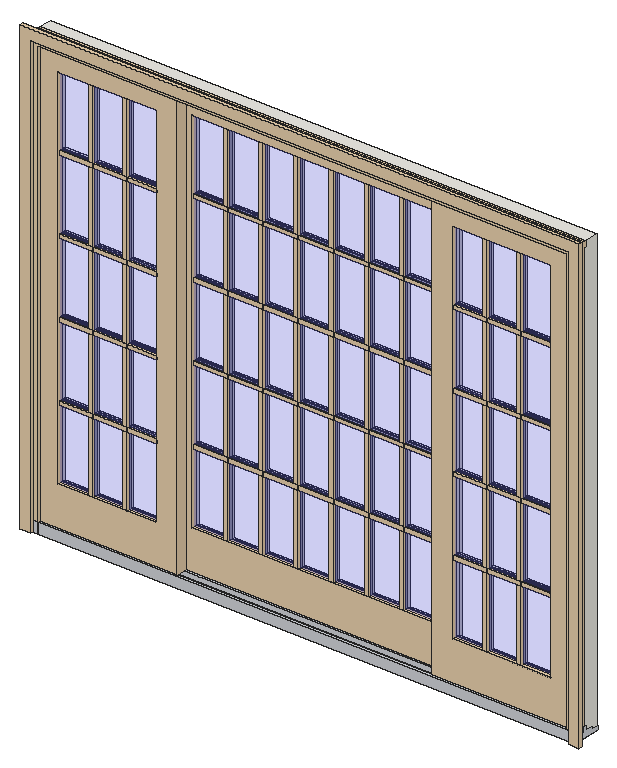
Revit family "Door-Gliding-Andersen-A_Series-Triple 3", category Doors, host Wall, Revit 2013
Parameters
  VGB DLO for Triple = if(Enter Pattern Number = 3, 0' 4", (H Bar Length - (Grille Bar Size * ((V Bars for Triple)))) / if(LWide > 2, ((V Bars for Triple) + 1), 5))  # 0' - 6.67857"
  V Bars for Triple = if(Enter Pattern Number = 3, 2, if(LWide > 2, (V Bars * 2) + 2, 4))  # 6
  Type Comments = "Fiberglass-Clad and Flexacron Finished Wood Gliding Patio Door"  # constant formula
  Rough Width = Width + (Rough Opening Offset * 2)  # 9' - 10"
  Rough Opening Offset = 0' - 0 1/2"
  Rough Height = if(1 > 0, Height + 0' 0 1/2", 0' 0")  # 8' - 0"
  Masonry Width = if(Enter Exterior Trim Number > 0, Width + ((casing4 + Masonry Opening Offset) * 2), Width + (Masonry Opening Offset * 2))  # 9' - 10"
  Masonry Opening Offset = 0' - 0 1/2"
  Masonry Height = if(Enter Exterior Trim Number > 0, Height + (casing4 + 0' 0 1/2"), Height + 0' 0 1/2")  # 8' - 0"
  Learn About These Parameters = "http://www.andersenwindows.com/for-professionals/cad-symbols-bim-support-window-doors/bim-support"
  Interior Grille Bar Visibility = yes
  H Bar Length = Width - ((JGO + 0' 5 3/4" + H DLO) * 2)  # 4' - 4"
  Grille Bar Sizes = "3/4'', 7/8'', 1 1/8'', 2 1/4''"  # constant formula
  Exterior Grille Bar Visibility = yes
  Between Glass Grille Bar Sizes = "3/4'', 1''"  # constant formula
  Interior Trim Visibility = yes
  Grille Bar Size = 0' - 0 7/8"
  Enter Pattern Number = 1
  Analytic Construction = "<None>"
  ..Pattern Number 1 = "Colonial"  # constant formula
  . . Lights Wide = 3
  . . Lights High = 5
  ..Pattern Number 2 = "Modified Colonial"  # constant formula
  ..Pattern Number 3 = "Prairie"  # constant formula
  ..Pattern Number 4 = "Short Fractional"  # constant formula
  ..Pattern Number 5 = "Tall Fractional"  # constant formula
  Extension Jamb Visibility = yes
  Enter Exterior Trim Number = 0
  ..Exterior Trim Number 0 = "No Exterior Trim"  # constant formula
  ..Exterior Trim  Number 1 = "Brick Mould"  # constant formula
  ..Exterior Trim Number 2 = "3 1/2'' Flat Casing"  # constant formula
  ..Exterior Trim  Number 3 = "4 1/2'' Flat Casing"  # constant formula
  Between Glass Grille Bar Visibility = yes
  xjamb Visibility [instance] = and(Extension Jamb Visibility, Wall Depth > 0' 4 9/16")  # no
  xjamb S1 [instance] = if(Wall Depth < 0' 4 5/8", 0' 0 1/16", 0' 0")  # 0' - 0 1/16"
  casingS2 = if(Enter Exterior Trim Number = 1, 0' 0 3/16", 0' 0 3/16")  # 0' - 0 3/16"
  casingS1 = if(Enter Exterior Trim Number = 1, 0' 0 7/16", 0' 0 3/16")  # 0' - 0 3/16"
  casing4 = if(Enter Exterior Trim Number = 1, 0' 1 3/4", if(Enter Exterior Trim Number = 2, 0' 3 1/4", 0' 4 1/4"))  # 0' - 4 1/4"
  casing3 = 0' - 0 1/2"  # constant formula
  casing2 = 0' - 0 7/8"  # constant formula
  casing1 = 0' - 0 1/4"  # constant formula
  Wall Thickness [instance] = 0' - 8"
  Wall Depth [instance] = 0' - 4 9/16"
  Void Offset 1 [instance] = if(Enter Exterior Trim Number > 0, casing4, 0' 0")  # 0' - 0"
  Void Depth [instance] = if(Wall Thickness > Wall Depth, 0' 1" + Wall Thickness - Wall Depth, 0' 1")  # 0' - 4 7/16"
  VGB DLO = if(Enter Pattern Number = 3, 0' 4", (H DLO - (Grille Bar Size * (V Bars))) / if(LWide > 2, LWide, 3))  # 0' - 6.45833"
  V Bars = if(Enter Pattern Number = 3, 2, if(LWide > 2, LWide - 1, 2))  # 2
  URL = "www.andersenwindows.com"
  TS V DLO = Height - HGO - SGO  # 6' - 7 3/8"
  TS V Bar Length = if(or(Enter Pattern Number = 5, Enter Pattern Number = 2), ((((Height - HGO - SGO - (Grille Bar Size * (Fractional Lights High - 1))) / Fractional Lights High)) * TFL) + (TFB * Grille Bar Size), if(Enter Pattern Number = 4, ((Height - HGO - SGO - (Grille Bar Size * (Fractional Lights High - 1))) / Fractional Lights High), Height - HGO - SGO))  # 6' - 7 3/8"
  TS SH DLO = if(or(Enter Pattern Number = 5, Enter Pattern Number = 2), ((((Height - HGO - SGO - (Grille Bar Size * (Fractional Lights High - 1))) / Fractional Lights High)) * TFL) + (TFB * Grille Bar Size) + HGO + (Grille Bar Size / 2), if(Enter Pattern Number = 4, TS V Bar Length + HGO + (Grille Bar Size / 2), (TS V DLO / 2) + HGO))  # 3' - 9 1/4"
  TS S V = or(and(LWide = 2, Enter Pattern Number = 1), and(Fractional Lights Wide = 2, or(or(Enter Pattern Number = 2, Enter Pattern Number = 4), Enter Pattern Number = 5)))  # no
  TS S H Craftsman = and(Enter Pattern Number = 2, or(Fractional Lights High = 4, Fractional Lights High = 5))  # no
  TS S H = or(or(or(and(. . Lights High = 2, Enter Pattern Number = 1), and(Enter Pattern Number = 4, Fractional Lights High > 1)), and(Enter Pattern Number = 5, Fractional Lights High > 1)), and(Enter Pattern Number = 2, Fractional Lights High > 1))  # no
  TS M V = and(Enter Pattern Number > 0, LWide > 2)  # yes
  TS M H = or(or(Enter Pattern Number = 3, and(. . Lights High > 2, Enter Pattern Number = 1)), and(Enter Pattern Number = 2, Fractional Lights High > 5))  # yes
  TS HGB DLO = if(Enter Pattern Number = 1, if(. . Lights High > 2, ((TS V Bar Length - (Grille Bar Size * (. . Lights High - 1))) / . . Lights High), 0' 4"), if(Enter Pattern Number = 3, 0' 4", if(Fractional Lights High > 2, ((TS V Bar Length - (Grille Bar Size * 2)) / 3), 0' 4")))  # 1' - 3.175"
  TS H Bars = if(Enter Pattern Number = 3, 2, if(Enter Pattern Number = 1, if(. . Lights High > 2, . . Lights High - 1, 2), 2))  # 4
  TFL = if(Fractional Lights High > 5, 3, if(or(Fractional Lights High = 4, Fractional Lights High = 5), 2, if(or(Fractional Lights High = 2, Fractional Lights High = 3), 1, 1)))  # 2
  TFB = TFL - 1  # 1
  Sill Interior Offset [instance] = 0' - 0"  # constant formula
  Sill Height [instance] = 0' - 2 3/16"  # constant formula
  Panel Bottom Inset [instance] = 0' - 2 5/32"  # constant formula
  Sill Depth [instance] = 0' - 5 1/2"  # constant formula
  SGO = 0' - 10 9/16"  # constant formula
  Product Documentation Link = "http://www.andersenwindows.com/products/a-series-gliding-patio-door/"
  Panel Width = ((Width / 4) - 0' 1 3/4") + 0' 3 1/2"  # 2' - 7"
  Panel Height [instance] = (CTRL Height - 0' 0 1/2" - Panel Bottom Inset) - 0' 0 15/32"  # 7' - 8 3/8"
  Nail Fin Visibility = Enter Exterior Trim Number = 0  # yes
  Model = "A-Series Gliding"  # constant formula
  Manufacturer = "Andersen Corporation"  # constant formula
  LWide = if(Enter Pattern Number = 3, 3, if(Enter Pattern Number = 1, . . Lights Wide, Fractional Lights Wide))  # 3
  JGO = 0' - 5 5/8"  # constant formula
  Is Gliding = 1 = 1  # yes
  Interior Trim Size = 0' - 2 1/4"
  Interior Material = Wood - Andersen - Pine
  Horizontal Craftsman Bar Size = 0' - 0 3/4"
  HGO = 0' - 5 9/16"  # constant formula
  H DLO = ((Width / 2 + 0' 0 3/4") / 2) - JGO - 0' 2 7/8"  # 1' - 9 1/8"
  Glazing Material = Glass ‐ Andersen - Low-E4 SmartSun
  Function = Exterior
  Height = 7' - 11 1/2"
  Wall Closure = By host
  Width = 9' - 9"
  Frame Interior Inset [instance] = 0' - 0"  # constant formula
  Frame Depth [instance] = 0' - 5 7/8"  # constant formula
  Fractional Lights Wide = 3
  Fractional Lights High = 5
  Family Version = "01.01.15"  # constant formula
  Exterior Unit Finish = Fiberglass - Andersen - White
  Exterior Trim Finish = Fibrex Composite - Andersen - White
  Designation = "FWGD"
  Description = "Fiberglass-Clad and Flexacron Finished Wood Gliding Patio Door"  # constant formula
  Coarse Plan [instance] = if(Wall Depth > Wall Thickness, Wall Thickness, Wall Depth)  # 0' - 4 9/16"
  Casing Visibility [instance] = Enter Exterior Trim Number > 0  # no
  CTRL Height [instance] = Height  # 7' - 11 1/2"
  Between Glass Grille Bar Finish = Stainless Steel - Andersen - Standard
  BS V DLO = Height - HGO - SGO  # 6' - 7 3/8"
  BS SH DLO = if(Enter Pattern Number = 5, SGO + 0' 4" + (Grille Bar Size / 2), (BS V DLO / 2) + SGO)  # 4' - 2 1/4"
  BS S V = and(LWide = 2, Enter Pattern Number = 1)  # no
  BS S H = no
  BS M V = or(or(and(LWide > 2, Enter Pattern Number = 1), Enter Pattern Number = 3), Enter Pattern Number = 5)  # yes
  BS M H = no
  BS HGB DLO = 0' - 2"
  BS H Bars = 2
Reference planes (in)
  plane 1 "Center (Front/Back)": y = 0
  plane 2 "Center (Left/Right)": x = 0
  plane 3 "R Frame": x = -58.5
  plane 4 "L Frame": x = 58.5
  plane 5 "T Frame": z = 95.5
  plane 6 "Wall S1": y = 3.71875
  plane 7 "Wall S2": y = -4.28125
  plane 8 "Interior Casing": y = -4.90625
  plane 9 "Frame S2": y = -4.28175
  plane 10 "Flange": y = 0.28125
  plane 11 "Frame S1": y = 1.59325
  plane 12 "Casing S2": y = 1.78075
  plane 13 "Casing S1": y = 1.78075
  plane 14 "Exterior Offset": y = 4.71875
  plane 15 "R Rough Opening": x = -59
  plane 16 "R Casing 1": x = -58.25
  plane 17 "R Casing 2": x = -61.875
  plane 18 "R Casing 3": x = -62.25
  plane 19 "R Casing 4": x = -62.75
  plane 20 "R Masonry Opening": x = -59
  plane 21 "L Masonry Opening": x = 59
  plane 22 "L Casing 4": x = 62.75
  plane 23 "L Casing 3": x = 62.25
  plane 24 "L Casing 2": x = 61.875
  plane 25 "L Casing 1": x = 58.25
  plane 26 "L Rough Opening": x = 59
  plane 27 "T Rough Opening": z = 96
  plane 28 "T Casing 1": z = 95.25
  plane 29 "T Casing 2": z = 98.875
  plane 30 "T Casing 3": z = 99.25
  plane 31 "T Casing 4": z = 99.75
  plane 32 "T Masonry Opening": z = 96
  plane 33 "R Int Casing": x = -60
  plane 34 "R Xjamb 2": x = -58.375
  plane 35 "R Xjamb 1": x = -57.75
  plane 36 "L Int Casing": x = 60
  plane 37 "L Xjamb 2": x = 58.375
  plane 38 "L Xjamb 1": x = 57.75
  plane 39 "T Int Casing": z = 97
  plane 40 "T Xjamb 2": z = 95.375
  plane 41 "T Xjamb 1": z = 94.75
  plane 42 "L Panel1": x = 57.3125
  plane 43 "R Panel1": x = -57.3125
  plane 44 "T Panel": z = 94.32831
  plane 45 "B Panel": z = 1.96875
  plane 46 "B Glazing": z = 10.5625
  plane 47 "T Glazing": z = 89.9375
  plane 48 "L Glazing1": x = 52.875
  plane 49 "R Glazing1": x = -52.875
  plane 50 "Panel2 S1": y = -1.88675
  plane 51 "Panel2 S2": y = -3.60675
  plane 52 "Xjamb S1": y = -4.21925
  plane 53 "Stop Exterior": y = -1.7394
  plane 54 "Stop Interior": y = -2.12544
  plane 55 "L Int Stop": x = 56.756
  plane 56 "R Int Stop": x = -56.756
  plane 57 "T Stop": z = 93.756
  plane 58 "Sill Height": z = 2.1875
  plane 59 "Panel1 S1": y = 0.44725
  plane 60 "Panel1 S2": y = -1.27275
  plane 61 "R Glazing3": x = -26
  plane 62 "L Glazing3": x = 26
  plane 63 "R Glazing2": x = -31.75
  plane 64 "L Glazing2": x = 31.75
  plane 65 "Panel2 Glazing 4": y = -3.06684
  plane 66 "Panel2 Glazing 1": y = -2.30075
  plane 67 "Panel1 Glazing 4": y = -0.73284
  plane 68 "Panel 1 Glazing 1": y = 0.03325
  plane 69 "Panel Elevation Center": z = 48.14853
  plane 70 "Vertical Bar Length": z = 10.5625
  plane 71 "L Slide Arrow": x = -44.875
  plane 72 "R Slide Arrow": x = 44.875
  plane 73 "Panel1 Glazing2": y = -0.09175
  plane 74 "Panel2 Glazing 2": y = -2.42575
  plane 75 "Panel2 Glazing3": y = -2.94184
  plane 76 "Panel1 Glazing3": y = -0.60784
  plane 77 "L Int Frame": x = 57.484
  plane 78 "L Ext Stop": x = 56.928
  plane 79 "Frame S1.1": y = -13.46275
  plane 80 "R Int Frame": x = -57.484
  plane 81 "R Ext Stop": x = -56.928
  plane 82 "R Panel2": x = -30.438
  plane 83 "R Panel3": x = -27.312
  plane 84 "L Panel3": x = 27.312
  plane 85 "L Panel2": x = 30.438
  plane 86: x = -30.188
  plane 87: x = -27.562
  plane 88: x = 27.562
  plane 89: x = 30.188
Forms (in)
  Extrusion 1, void
    sketch origin (0, 0, 0) x (1, 0, 0) y (0, 0, 1)
      loop
        line (58.5, 95.5) -> (-58.5, 95.5) -> (-58.5, 0) -> (58.5, 0) -> (58.5, 95.5)
    from -0.28125 to 4.28125
  Extrusion 2, void
    sketch origin (0, 0, 0) x (1, 0, 0) y (0, 0, 1)
      loop
        line (58.5, 95.5) -> (-58.5, 95.5) -> (-58.5, 0) -> (58.5, 0) -> (58.5, 95.5)
    from -15.71875 to -0.28125
  Sweep 3, solid, material "Fibrex Composite - Andersen - White" <- "Exterior Trim Finish", visible <- "Casing Visibility", detail levels medium+fine
    path origin (0, 0.28125, 0) x (-1, 0, 0) y (0, 0, 1)
      loop
        line (-62.75, 0) -> (-62.75, 99.75) -> (62.75, 99.75) -> (62.75, 0)
    profile origin (62.75, 0.28125, 49.875) x (1, 0, 0) y (0, 1, 0)
      loop
        line (-0.875, 1.4995) -> (-4.5, 1.4995) -> (-4.5, 0) -> (0, 0) -> (0, 1.4995) -> (-0.5, 1.4995) -> (-0.875, 1.4995)
  Extrusion 4, solid, material "Fibrex Composite - Andersen - White" <- "Exterior Trim Finish", visible <- "Casing Visibility", detail levels coarse
    sketch origin (0, 0.28125, 0) x (-1, 0, 0) y (0, 0, 1)
      loop
        line (-58.25, 95.25) -> (58.25, 95.25) -> (58.25, 0) -> (62.75, 0) -> (62.75, 99.75) -> (-62.75, 99.75) -> (-62.75, 0) -> (-58.25, 0) -> (-58.25, 95.25)
    from 0 to 1.4995
  Extrusion 5, solid, material "Wood - Andersen - Pine" <- "Interior Material", visible <- "Interior Trim Visibility", detail levels fine
    sketch origin (0, 0, 0) x (1, 0, 0) y (0, 0, 1)
      loop
        line (-57.75, 94.75) -> (57.75, 94.75) -> (57.75, 0) -> (60, 0) -> (60, 97) -> (-60, 97) -> (-60, 0) -> (-57.75, 0) -> (-57.75, 94.75)
    from 4.28125 to 4.90625
  Extrusion 6, solid, material "Wood - Andersen - Pine" <- "Interior Material", visible <- "xjamb Visibility", detail levels medium+fine
    sketch origin (0, 0, 0) x (1, 0, 0) y (0, 0, 1)
      loop
        line (-58.375, 0) -> (-57.75, 0) -> (-57.75, 94.75) -> (57.75, 94.75) -> (57.75, 0) -> (58.375, 0) -> (58.375, 95.375) -> (-58.375, 95.375) -> (-58.375, 0)
    from 4.21925 to 4.28125
  Sweep 7, solid, detail levels medium+fine
    path origin (0, 0.28125, 0) x (-1, 0, 0) y (0, 0, 1)
      loop
        line (-58.5, 0) -> (58.5, 0)
    profile origin (0, 0.28125, 0) x (0, 0, 1) y (0, 1, 0)
      loop
        line (0, -4.563) -> (2.1875, -4.563) -> (2.1875, -3.888) -> (1.42794, -3.888) -> (1.18788, -2.168) -> (2.1875, -2.168) -> (2.1875, -1.554) -> (1.46945, -1.554) -> (1.29292, 0.166) -> (0.82461, 0.166) -> (0.74863, 1.6245) -> (0, 1.6245) -> (0, -4.563)
  Extrusion 8, solid, material "Wood - Andersen - Pine" <- "Interior Material", detail levels medium+fine
    sketch origin (0, 0, 0) x (1, 0, 0) y (0, 1, 0)
      loop
        line (56.756, -4.28175) -> (58.5, -4.28175) -> (58.5, -1.88675) -> (57.3125, -1.88675) -> (57.3125, -3.60675) -> (56.756, -3.60675) -> (56.756, -4.28175)
      loop
        line (-58.5, -4.28175) -> (-56.756, -4.28175) -> (-56.756, -3.60675) -> (-57.3125, -3.60675) -> (-57.3125, -1.88675) -> (-58.5, -1.88675) -> (-58.5, -4.28175)
    from 0 to 95.5
  Extrusion 9, solid, material "Wood - Andersen - Pine" <- "Interior Material"
    sketch origin (0, 0.28125, 0) x (-1, 0, 0) y (0, 0, 1)
      loop
        line (-30.188, 94.32831) -> (-30.188, 1.96875) -> (30.188, 1.96875) -> (30.188, 94.32831) -> (-30.188, 94.32831)
      loop
        line (-26, 89.9375) -> (-26, 10.5625) -> (26, 10.5625) -> (26, 89.9375) -> (-26, 89.9375)
    from -1.554 to -0.248
  Extrusion 10, solid, material "Fiberglass - Andersen - White" <- "Exterior Unit Finish"
    sketch origin (0, 0.28125, 0) x (-1, 0, 0) y (0, 0, 1)
      loop
        line (-30.188, 94.32831) -> (-30.188, 1.96875) -> (30.188, 1.96875) -> (30.188, 94.32831) -> (-30.188, 94.32831)
      loop
        line (-26, 89.9375) -> (-26, 10.5625) -> (26, 10.5625) -> (26, 89.9375) -> (-26, 89.9375)
    from -0.248 to 0.166
  Extrusion 11, solid, material "Wood - Andersen - Pine" <- "Interior Material"
    sketch origin (0, 0.28125, 0) x (-1, 0, 0) y (0, 0, 1)
      loop
        line (-57.3125, 94.32831) -> (-57.3125, 1.96875) -> (-27.562, 1.96875) -> (-27.562, 94.32831) -> (-57.3125, 94.32831)
      loop
        line (27.562, 94.32831) -> (27.562, 1.96875) -> (57.3125, 1.96875) -> (57.3125, 94.32831) -> (27.562, 94.32831)
      loop
        line (-52.875, 89.9375) -> (-52.875, 10.5625) -> (-31.75, 10.5625) -> (-31.75, 89.9375) -> (-52.875, 89.9375)
      loop
        line (31.75, 89.9375) -> (31.75, 10.5625) -> (52.875, 10.5625) -> (52.875, 89.9375) -> (31.75, 89.9375)
    from -3.888 to -2.582
  Extrusion 12, solid, material "Fiberglass - Andersen - White" <- "Exterior Unit Finish"
    sketch origin (0, 0.28125, 0) x (-1, 0, 0) y (0, 0, 1)
      loop
        line (-57.3125, 94.32831) -> (-57.3125, 1.96875) -> (-27.562, 1.96875) -> (-27.562, 94.32831) -> (-57.3125, 94.32831)
      loop
        line (-52.875, 89.9375) -> (-52.875, 10.5625) -> (-31.75, 10.5625) -> (-31.75, 89.9375) -> (-52.875, 89.9375)
      loop
        line (27.562, 94.32831) -> (27.562, 1.96875) -> (57.3125, 1.96875) -> (57.3125, 94.32831) -> (27.562, 94.32831)
      loop
        line (31.75, 89.9375) -> (31.75, 10.5625) -> (52.875, 10.5625) -> (52.875, 89.9375) -> (31.75, 89.9375)
    from -2.582 to -2.168
  Extrusion 13, solid, material "Glass ‐ Andersen - Low-E4 SmartSun" <- "Glazing Material"
    sketch origin (0, 0.28125, 0) x (-1, 0, 0) y (0, 0, 1)
      loop
        line (-52.875, 89.9375) -> (-52.875, 10.5625) -> (-31.75, 10.5625) -> (-31.75, 89.9375) -> (-52.875, 89.9375)
      loop
        line (31.75, 89.9375) -> (31.75, 10.5625) -> (52.875, 10.5625) -> (52.875, 89.9375) -> (31.75, 89.9375)
    from -3.34809 to -2.582
  Extrusion 14, solid, material "Glass ‐ Andersen - Low-E4 SmartSun" <- "Glazing Material"
    sketch origin (0, 0.28125, 0) x (-1, 0, 0) y (0, 0, 1)
      loop
        line (-26, 89.9375) -> (-26, 10.5625) -> (26, 10.5625) -> (26, 89.9375) -> (-26, 89.9375)
    from -1.01409 to -0.248
  Extrusion 15, solid, detail levels medium+fine
    sketch origin (0, 0, 0) x (0, 1, 0) y (0, 0, 1)
      loop
        line (0.44725, 1.96875) -> (-1.27275, 1.96875) -> (-1.27275, 1.46945) -> (0.44725, 1.29292) -> (0.44725, 1.96875)
    from -30.438 to 30.438
  Extrusion 16, solid, material "Wood - Andersen - Pine" <- "Interior Material", detail levels medium+fine
    sketch origin (0, 0, 0) x (0, 1, 0) y (0, 0, 1)
      loop
        line (-1.27275, 95.5) -> (-4.28175, 95.5) -> (-4.28175, 93.756) -> (-3.60675, 93.756) -> (-3.60675, 94.32831) -> (-1.27275, 94.32831) -> (-1.27275, 95.5)
    from -58.5 to 58.5
  Sweep 17, solid, material "Fiberglass - Andersen - White" <- "Exterior Unit Finish", detail levels medium+fine
    path origin (0, 0.28125, 0) x (-1, 0, 0) y (0, 0, 1)
      loop
        line (-58.5, 0) -> (-58.5, 95.5) -> (58.5, 95.5) -> (58.5, 0)
    profile origin (58.5, 0.28125, 47.75) x (1, 0, 0) y (0, 1, 0)
      loop
        line (0, 1.312) -> (-0.75, 1.312) -> (-0.75, 0.25975) -> (-1.572, 0.25975) -> (-1.572, 0.166) -> (-1.1875, 0.166) -> (-1.1875, -1.554) -> (-1.744, -1.554) -> (-1.744, -2.168) -> (0, -2.168) -> (0, 1.312)
  Extrusion 18, solid, detail levels coarse
    sketch origin (0, 0.28125, 0) x (-1, 0, 0) y (0, 0, 1)
      loop
        line (-58.5, 1.96875) -> (-58.5, 0) -> (58.5, 0) -> (58.5, 1.96875) -> (-58.5, 1.96875)
    from -4.563 to 1.312
  Extrusion 19, solid, material "Wood - Andersen - Pine" <- "Interior Material", detail levels coarse
    sketch origin (0, 0.28125, 0) x (-1, 0, 0) y (0, 0, 1)
      loop
        line (-58.5, 0) -> (-57.3125, 0) -> (-57.3125, 94.32831) -> (57.3125, 94.32831) -> (57.3125, 0) -> (58.5, 0) -> (58.5, 95.5) -> (-58.5, 95.5) -> (-58.5, 0)
    from -4.563 to -1.554
  Extrusion 20, solid, material "Fiberglass - Andersen - White" <- "Exterior Unit Finish", detail levels coarse
    sketch origin (0, 0.28125, 0) x (-1, 0, 0) y (0, 0, 1)
      loop
        line (58.5, 0) -> (58.5, 95.5) -> (-58.5, 95.5) -> (-58.5, 0) -> (-57.3125, 0) -> (-57.3125, 94.32831) -> (57.3125, 94.32831) -> (57.3125, 0) -> (58.5, 0)
    from -1.554 to 1.312
  Extrusion 21, solid, material "Wood - Andersen - Pine" <- "Interior Material"
    sketch origin (0, 0.28125, 0) x (-1, 0, 0) y (0, 0, 1)
      loop
        line (-27.562, 94.32831) -> (-27.562, 1.96875) -> (-27.312, 1.96875) -> (-27.312, 94.32831) -> (-27.562, 94.32831)
      loop
        line (27.312, 94.32831) -> (27.312, 1.96875) -> (27.562, 1.96875) -> (27.562, 94.32831) -> (27.312, 94.32831)
    from -3.888 to -1.554
  Extrusion 22, solid, material "Fiberglass - Andersen - White" <- "Exterior Unit Finish"
    sketch origin (0, 0.28125, 0) x (-1, 0, 0) y (0, 0, 1)
      loop
        line (-30.438, 94.32831) -> (-30.438, 1.96875) -> (-30.188, 1.96875) -> (-30.188, 94.32831) -> (-30.438, 94.32831)
      loop
        line (30.188, 94.32831) -> (30.188, 1.96875) -> (30.438, 1.96875) -> (30.438, 94.32831) -> (30.188, 94.32831)
    from -2.168 to 0.166
  Extrusion 23, solid, material "Wood - Andersen - Pine" <- "Interior Material", detail levels medium+fine
    sketch origin (0, 0, 0) x (0, 1, 0) y (0, 0, 1)
      loop
        line (-1.27275, 94.32831) -> (-2.01175, 94.32831) -> (-2.01175, 93.631) -> (-1.27275, 93.631) -> (-1.27275, 94.32831)
    from -27.312 to 27.312
Cuts and joins
  joined: Extrusion 8, Extrusion 16
  joined: Extrusion 11, Extrusion 21
  joined: Extrusion 10, Extrusion 22
Lines and regions (in)
  Masking region 1, visible <- "Casing Visibility"
    outline origin (0, 0, 0) x (0, 1, 0) y (0, 0, 1)
      loop
        line (0.28125, 95.5) -> (1.59325, 95.5) -> (1.59325, 0) -> (1.78075, 0) -> (1.78075, 99.75) -> (0.28125, 99.75) -> (0.28125, 95.5)
  Masking region 2
    outline origin (0, 0, 0) x (1, 0, 0) y (0, 1, 0)
      loop
        line (-58.5, 1.59325) -> (-58.5, -4.28175) -> (58.5, -4.28175) -> (58.5, 1.59325) -> (-58.5, 1.59325)
  Masking region 3
    outline origin (0, 0, 0) x (0, 1, 0) y (0, 0, 1)
      loop
        line (1.59325, 95.5) -> (-4.28175, 95.5) -> (-4.28175, 0) -> (1.90575, 0) -> (1.90575, 0.74863) -> (1.59325, 0.76491) -> (1.59325, 95.5)
  Masking region 4, visible <- "Casing Visibility", detail levels fine
    outline origin (0, 0, 0) x (1, 0, 0) y (0, 1, 0)
      loop
        line (-62.25, 1.78075) -> (-62.75, 1.78075) -> (-62.75, 0.28125) -> (-58.5, 0.28125) -> (-58.5, 1.59325) -> (-58.25, 1.59325) -> (-58.25, 1.78075) -> (-61.875, 1.78075) -> (-62.25, 1.78075)
  Masking region 5, visible <- "Casing Visibility", detail levels fine
    outline origin (0, 0, 0) x (1, 0, 0) y (0, 1, 0)
      loop
        line (62.25, 1.78075) -> (61.875, 1.78075) -> (58.25, 1.78075) -> (58.25, 1.59325) -> (58.5, 1.59325) -> (58.5, 0.28125) -> (62.75, 0.28125) -> (62.75, 1.78075) -> (62.25, 1.78075)
  Masking region 6, visible <- "Casing Visibility", detail levels coarse+medium
    outline origin (0, 0, 0) x (1, 0, 0) y (0, 1, 0)
      loop
        line (-62.75, 1.78075) -> (-62.75, 0.28125) -> (-58.5, 0.28125) -> (-58.5, 1.78075) -> (-62.75, 1.78075)
  Masking region 7, visible <- "Casing Visibility", detail levels coarse+medium
    outline origin (0, 0, 0) x (1, 0, 0) y (0, 1, 0)
      loop
        line (58.5, 1.78075) -> (58.5, 0.28125) -> (62.75, 0.28125) -> (62.75, 1.78075) -> (58.5, 1.78075)
  Masking region 8, visible <- "Casing Visibility"
    outline origin (0, 1.78075, 0) x (-1, 0, 0) y (0, 0, 1)
      loop
        line (-62.75, 99.75) -> (-62.75, 0) -> (-58.5, 0) -> (-58.5, 95.5) -> (58.5, 95.5) -> (58.5, 0) -> (62.75, 0) -> (62.75, 99.75) -> (-62.75, 99.75)
  Masking region 9, visible <- "Interior Trim Visibility", detail levels fine
    outline origin (0, -4.90625, 0) x (-1, 0, 0) y (0, 0, 1)
      loop
        line (-60, 97) -> (-60, 0) -> (-57.75, 0) -> (-57.75, 94.75) -> (57.75, 94.75) -> (57.75, 0) -> (60, 0) -> (60, 97) -> (-60, 97)
  Masking region 10
    outline origin (0, -4.28175, 0) x (-1, 0, 0) y (0, 0, 1)
      loop
        line (58.5, 95.5) -> (-58.5, 95.5) -> (-58.5, 0) -> (58.5, 0) -> (58.5, 95.5)
      loop
        line (56.756, 93.756) -> (-56.756, 93.756) -> (-56.756, 1.96875) -> (56.756, 1.96875) -> (56.756, 93.756)
  Masking region 11
    outline origin (0, -1.88675, 0) x (-1, 0, 0) y (0, 0, 1)
      loop
        line (-27.312, 94.32831) -> (-57.3125, 94.32831) -> (-57.3125, 1.96875) -> (-27.312, 1.96875) -> (-27.312, 94.32831)
      loop
        line (27.312, 94.32831) -> (27.312, 1.96875) -> (57.3125, 1.96875) -> (57.3125, 94.32831) -> (27.312, 94.32831)
  Masking region 12, visible <- "Interior Trim Visibility", detail levels fine
    outline origin (0, 0, 0) x (1, 0, 0) y (0, 1, 0)
      loop
        line (-60, -4.28125) -> (-60, -4.90625) -> (-57.75, -4.90625) -> (-57.75, -4.28125) -> (-60, -4.28125)
  Masking region 13, visible <- "xjamb Visibility", detail levels medium+fine
    outline origin (0, 0, 0) x (1, 0, 0) y (0, 1, 0)
      loop
        line (-58.375, -4.21925) -> (-58.375, -4.28125) -> (-57.75, -4.28125) -> (-57.75, -4.21925) -> (-58.375, -4.21925)
  Masking region 14, visible <- "Interior Trim Visibility", detail levels fine
    outline origin (0, 0, 0) x (1, 0, 0) y (0, 1, 0)
      loop
        line (57.75, -4.28125) -> (57.75, -4.90625) -> (60, -4.90625) -> (60, -4.28125) -> (57.75, -4.28125)
  Masking region 15, visible <- "xjamb Visibility", detail levels medium+fine
    outline origin (0, 0, 0) x (1, 0, 0) y (0, 1, 0)
      loop
        line (57.75, -4.21925) -> (57.75, -4.28125) -> (58.375, -4.28125) -> (58.375, -4.21925) -> (57.75, -4.21925)
  Masking region 16, visible <- "Interior Trim Visibility", detail levels fine
    outline origin (0, 0, 0) x (0, 1, 0) y (0, 0, 1)
      loop
        line (-4.28125, 97) -> (-4.90625, 97) -> (-4.90625, 0) -> (-4.28125, 0) -> (-4.28125, 97)
  Masking region 17, visible <- "xjamb Visibility", detail levels medium+fine
    outline origin (0, 0, 0) x (0, 1, 0) y (0, 0, 1)
      loop
        line (-4.21925, 95.375) -> (-4.28125, 95.375) -> (-4.28125, 0) -> (-4.21925, 0) -> (-4.21925, 95.375)
  Masking region 18
    outline origin (0, 0.44725, 0) x (-1, 0, 0) y (0, 0, 1)
      loop
        line (-30.438, 94.32831) -> (-30.438, 1.96875) -> (30.188, 1.96875) -> (30.188, 94.32831) -> (-30.438, 94.32831)
  Masking region 19
    outline origin (0, 1.59325, 0) x (-1, 0, 0) y (0, 0, 1)
      loop
        line (-58.5, 95.5) -> (-58.5, 0) -> (-56.756, 0) -> (-56.756, 93.756) -> (56.756, 93.756) -> (56.756, 0) -> (58.5, 0) -> (58.5, 95.5) -> (-58.5, 95.5)
  symbolic lines, style "DoorsFrameMullionProjection", visible <- "Casing Visibility", detail levels medium+fine
    curve 1: line (0, 1.78075, 99.25) -> (0, 1.78075, 98.875)
    curve 2: line (0, 1.78075, 98.875) -> (0, 1.78075, 95.25)
    curve 3: line (0, 1.78075, 95.25) -> (0, 1.59325, 95.25)
  symbolic lines, style "DoorsFrameMullionProjection", detail levels coarse
    curve 4: line (0, 1.59325, 95.5) -> (0, 1.78075, 95.5)
    curve 5: line (57.3125, 1.59325, 2.1562) -> (57.3125, -4.28175, 2.1562)
    curve 7: line (-57.3125, 1.59325, 2.1562) -> (-57.3125, -4.28175, 2.1562)
  symbolic lines, style "DoorsFrameMullionProjection", visible <- "Nail Fin Visibility", detail levels medium+fine
    curve 6: line (0, 0.28125, 97.125) -> (0, 0.28125, 95.5)
  symbolic lines, style "DoorsGlassProjection", detail levels fine
    curve 8: line (52.875, -2.94184, 1.96875) -> (31.75, -2.94184, 1.96875)
    curve 9: line (31.75, -2.42575, 1.96875) -> (52.875, -2.42575, 1.96875)
    curve 30: line (0, -0.09175, 10.5625) -> (0, -0.09175, 89.9375)
    curve 31: line (0, -0.60784, 89.9375) -> (0, -0.60784, 10.5625)
    curve 32: line (0, -2.42575, 10.5625) -> (0, -2.42575, 89.9375)
    curve 33: line (0, -2.94184, 89.9375) -> (0, -2.94184, 10.5625)
    curve 40: line (0, -0.09175, 90.0625) -> (0, -0.60784, 90.0625)
    curve 49: line (0, -0.09175, 10.4375) -> (0, -0.60784, 10.4375)
    curve 55: line (0, -2.42575, 90.0625) -> (0, -2.94184, 90.0625)
    curve 61: line (0, -2.42575, 10.4375) -> (0, -2.94184, 10.4375)
    curve 68: line (53, -2.94184, 0) -> (53, -2.42575, 0)
    curve 80: line (31.625, -2.94184, 0) -> (31.625, -2.42575, 0)
    curve 83: line (26, -0.60784, 1.96875) -> (-26, -0.60784, 1.96875)
    curve 84: line (-26, -0.09175, 1.96875) -> (26, -0.09175, 1.96875)
    curve 90: line (26.125, -0.60784, 0) -> (26.125, -0.09175, 0)
    curve 96: line (-26.125, -0.60784, 0) -> (-26.125, -0.09175, 0)
    curve 99: line (-31.75, -2.94184, 1.96875) -> (-52.875, -2.94184, 1.96875)
    curve 100: line (-52.875, -2.42575, 1.96875) -> (-31.75, -2.42575, 1.96875)
    curve 106: line (-31.625, -2.94184, 0) -> (-31.625, -2.42575, 0)
    curve 112: line (-53, -2.94184, 0) -> (-53, -2.42575, 0)
    curve 132: line (52.875, -2.42575, 0) -> (53.76411, -2.42575, 0)
    curve 133: line (52.875, -2.94184, 0) -> (53.76411, -2.94184, 0)
    curve 136: line (31.75, -2.42575, 0) -> (30.86089, -2.42575, 0)
    curve 137: line (31.75, -2.94184, 0) -> (30.86089, -2.94184, 0)
    curve 138: line (26, -0.09175, 0) -> (26.88911, -0.09175, 0)
    curve 139: line (26, -0.60784, 0) -> (26.88911, -0.60784, 0)
    curve 140: line (-26, -0.09175, 0) -> (-26.88911, -0.09175, 0)
    curve 141: line (-26, -0.60784, 0) -> (-26.88911, -0.60784, 0)
    curve 142: line (-31.75, -2.42575, 0) -> (-30.86089, -2.42575, 0)
    curve 143: line (-31.75, -2.94184, 0) -> (-30.86089, -2.94184, 0)
    curve 144: line (-52.875, -2.42575, 0) -> (-53.76411, -2.42575, 0)
    curve 145: line (-52.875, -2.94184, 0) -> (-53.76411, -2.94184, 0)
    curve 192: line (0, -0.09175, 89.9375) -> (0, -0.09175, 90.82661)
    curve 193: line (0, -0.60784, 89.9375) -> (0, -0.60784, 90.82661)
    curve 196: line (0, -0.09175, 10.5625) -> (0, -0.09175, 9.67339)
    curve 197: line (0, -0.60784, 10.5625) -> (0, -0.60784, 9.67339)
    curve 198: line (0, -2.42575, 89.9375) -> (0, -2.42575, 90.82661)
    curve 199: line (0, -2.94184, 89.9375) -> (0, -2.94184, 90.82661)
    curve 200: line (0, -2.42575, 10.5625) -> (0, -2.42575, 9.67339)
    curve 201: line (0, -2.94184, 10.5625) -> (0, -2.94184, 9.67339)
  symbolic lines, style "DoorsGlassProjection", detail levels medium+fine
    curve 10: line (52.875, -3.06684, 1.96875) -> (31.75, -3.06684, 1.96875)
    curve 11: line (31.75, -2.30075, 1.96875) -> (52.875, -2.30075, 1.96875)
    curve 81: line (26, -0.73284, 1.96875) -> (-26, -0.73284, 1.96875)
    curve 82: line (-26, 0.03325, 1.96875) -> (26, 0.03325, 1.96875)
    curve 97: line (-31.75, -3.06684, 1.96875) -> (-52.875, -3.06684, 1.96875)
    curve 98: line (-52.875, -2.30075, 1.96875) -> (-31.75, -2.30075, 1.96875)
  symbolic lines, style "DoorsFrameMullionProjection"
    curve 12: line (0, 0.44725, 94.32831) -> (0, -1.27275, 94.32831)
    curve 13: line (0, 0.44725, 1.96875) -> (0, 0.44725, 94.32831)
    curve 14: line (0, -1.27275, 1.96875) -> (0, 0.44725, 1.96875)
    curve 15: line (0, -1.27275, 94.32831) -> (0, -1.27275, 1.96875)
    curve 16: line (0, -1.88675, 94.32831) -> (0, -3.60675, 94.32831)
    curve 17: line (0, -1.88675, 1.96875) -> (0, -1.88675, 94.32831)
    curve 18: line (0, -3.60675, 1.96875) -> (0, -1.88675, 1.96875)
    curve 19: line (0, -3.60675, 94.32831) -> (0, -3.60675, 1.96875)
    curve 24: line (0, 0.03325, 89.9375) -> (0, 0.03325, 90.82661)
    curve 25: line (0, 0.03325, 90.82661) -> (0, -1.27275, 90.82661)
    curve 26: line (0, -0.73284, 89.9375) -> (0, -0.73284, 90.82661)
    curve 39: line (0, -1.27275, 90.20591) -> (0, -0.73284, 89.9375)
    curve 41: line (0, 0.4395, 90) -> (0, 0.03325, 89.9375)
    curve 45: line (0, 0.03325, 10.5625) -> (0, 0.03325, 9.67339)
    curve 46: line (0, 0.03325, 9.67339) -> (0, -1.27275, 9.67339)
    curve 47: line (0, -0.73284, 10.5625) -> (0, -0.73284, 9.67339)
    curve 48: line (0, -1.27275, 10.29409) -> (0, -0.73284, 10.5625)
    curve 50: line (0, 0.4395, 10.5) -> (0, 0.03325, 10.5625)
    curve 51: line (0, -2.30075, 89.9375) -> (0, -2.30075, 90.82661)
    curve 52: line (0, -2.30075, 90.82661) -> (0, -3.60675, 90.82661)
    curve 53: line (0, -3.06684, 89.9375) -> (0, -3.06684, 90.82661)
    curve 54: line (0, -3.60675, 90.20591) -> (0, -3.06684, 89.9375)
    curve 56: line (0, -1.8945, 90) -> (0, -2.30075, 89.9375)
    curve 57: line (0, -2.30075, 10.5625) -> (0, -2.30075, 9.67339)
    curve 58: line (0, -2.30075, 9.67339) -> (0, -3.60675, 9.67339)
    curve 59: line (0, -3.06684, 10.5625) -> (0, -3.06684, 9.67339)
    curve 60: line (0, -3.60675, 10.29409) -> (0, -3.06684, 10.5625)
    curve 62: line (0, -1.8945, 10.5) -> (0, -2.30075, 10.5625)
    curve 117: line (0, 1.59325, 95.5) -> (0, -4.28175, 95.5)
    curve 146: line (57.3125, -1.88675, 0) -> (27.312, -1.88675, 0)
    curve 147: line (30.438, 0.44725, 0) -> (30.438, -1.88675, 0)
    curve 148: line (27.312, -3.60675, 0) -> (57.3125, -3.60675, 0)
    curve 149: line (27.312, -3.60675, 0) -> (27.312, -1.27275, 0)
    curve 150: line (30.438, 0.44725, 0) -> (-30.438, 0.44725, 0)
    curve 151: line (-30.438, -1.27275, 0) -> (30.438, -1.27275, 0)
    curve 152: line (-57.3125, -1.88675, 0) -> (-27.312, -1.88675, 0)
    curve 153: line (-27.312, -1.27275, 0) -> (-27.312, -3.60675, 0)
    curve 154: line (-27.312, -3.60675, 0) -> (-57.3125, -3.60675, 0)
    curve 160: line (52.875, 0.28125, 89.9375) -> (31.75, 0.28125, 89.9375)
    curve 161: line (52.875, 0.28125, 10.5625) -> (52.875, 0.28125, 89.9375)
    curve 162: line (31.75, 0.28125, 10.5625) -> (52.875, 0.28125, 10.5625)
    curve 163: line (31.75, 0.28125, 89.9375) -> (31.75, 0.28125, 10.5625)
    curve 164: line (-31.75, 0.28125, 89.9375) -> (-52.875, 0.28125, 89.9375)
    curve 165: line (-31.75, 0.28125, 10.5625) -> (-31.75, 0.28125, 89.9375)
    curve 166: line (-52.875, 0.28125, 10.5625) -> (-31.75, 0.28125, 10.5625)
    curve 167: line (-52.875, 0.28125, 89.9375) -> (-52.875, 0.28125, 10.5625)
    curve 168: line (26, 0.28125, 89.9375) -> (-26, 0.28125, 89.9375)
    curve 169: line (26, 0.28125, 10.5625) -> (26, 0.28125, 89.9375)
    curve 170: line (-26, 0.28125, 10.5625) -> (26, 0.28125, 10.5625)
    curve 171: line (-26, 0.28125, 89.9375) -> (-26, 0.28125, 10.5625)
    curve 172: line (0, 0.53775, 94.75) -> (0, 0.53775, 93.928)
    curve 173: line (0, 0.44775, 94.32831) -> (0, -1.27225, 94.32831)
    curve 174: line (0, -1.27225, 93.756) -> (0, -1.88625, 93.756)
    curve 175: line (0, -1.88625, 94.32831) -> (0, -3.60625, 94.32831)
    curve 176: line (0, -3.60625, 93.756) -> (0, -4.28125, 93.756)
    curve 177: line (0, 1.37368, 94.75) -> (0, 0.53775, 94.75)
    curve 178: line (0, 0.53775, 93.928) -> (0, 0.44775, 93.928)
    curve 179: line (0, 0.28125, 97.125) -> (0, 0.28125, 95.5)
    curve 180: line (0, 1.47049, 95.016) -> (0, 1.37368, 94.75)
    curve 181: line (0, 1.59375, 95.016) -> (0, 1.47049, 95.016)
    curve 202: line (0, 1.90575, 0) -> (0, 1.90575, 0.74863)
    curve 203: line (0, 1.90575, 0.74863) -> (0, 0.53725, 0.81992)
    curve 204: line (0, 0.53725, 0.81992) -> (0, 0.53725, 1.859)
    curve 205: line (0, 0.53725, 1.859) -> (0, -1.40125, 1.859)
    curve 206: line (0, -1.68125, 2.172) -> (0, -1.68125, 1.1592)
    curve 207: line (0, -1.68125, 1.859) -> (0, -3.75625, 1.859)
    curve 208: line (0, -3.75625, 1.859) -> (0, -3.75625, 1.4488)
    curve 209: line (0, -3.75625, 1.4488) -> (0, -1.68125, 1.1592)
    curve 210: line (0, -1.40125, 1.48264) -> (0, -1.40125, 2.10189)
    curve 211: line (0, -3.75625, 2.172) -> (0, -4.28175, 2.172)
    curve 212: line (0, -4.28175, 2.172) -> (0, -4.28175, 0)
    curve 213: line (0, 0.53725, 1.28368) -> (0, -1.40125, 1.48264)
    curve 214: line (0, -3.75625, 1.859) -> (0, -3.75625, 2.172)
    curve 215: line (0, -1.68125, 2.172) -> (0, -1.40125, 2.10189)
    curve 275: line (-30.438, 0.44725, 0) -> (-30.438, -1.88675, 0)
  symbolic lines, style "DoorsGlassProjection"
    curve 20: line (0, 0.03325, 10.5625) -> (0, 0.03325, 89.9375)
    curve 21: line (0, -0.73284, 89.9375) -> (0, -0.73284, 10.5625)
    curve 22: line (0, -2.30075, 10.5625) -> (0, -2.30075, 89.9375)
    curve 23: line (0, -3.06684, 89.9375) -> (0, -3.06684, 10.5625)
  symbolic lines, style "DoorsFrameMullionProjection", not visible
    curve 27: line (0, -2.45054, 78.48625) -> (0, -2.45054, 79.37536)
    curve 28: line (0, -2.45054, 79.37536) -> (0, -3.75654, 79.37536)
    curve 29: line (0, -3.21663, 78.48625) -> (0, -3.21663, 79.37536)
    curve 42: line (0, -3.75654, 78.75466) -> (0, -3.21663, 78.48625)
    curve 44: line (0, -2.04429, 78.54875) -> (0, -2.45054, 78.48625)
    curve 182: line (0, 1.27329, 74.53498) -> (0, 1.27329, 73.71298)
    curve 183: line (0, 1.18329, 74.11329) -> (0, -0.53671, 74.11329)
    curve 184: line (0, -0.53671, 73.54098) -> (0, -1.15071, 73.54098)
    curve 185: line (0, -1.15071, 74.11329) -> (0, -2.87071, 74.11329)
    curve 186: line (0, -2.87071, 73.54098) -> (0, -3.54571, 73.54098)
    curve 187: line (0, 2.10922, 74.53498) -> (0, 1.27329, 74.53498)
    curve 188: line (0, 1.27329, 73.71298) -> (0, 1.18329, 73.71298)
    curve 189: line (0, 1.01679, 76.90998) -> (0, 1.01679, 75.28498)
    curve 190: line (0, 2.20604, 74.80098) -> (0, 2.10922, 74.53498)
    curve 191: line (0, 2.32929, 74.80098) -> (0, 2.20604, 74.80098)
    curve 216: line (0, -5.01203, -5.01767) -> (0, -5.01203, -4.26904)
    curve 217: line (0, -5.01203, -4.26904) -> (0, -6.38053, -4.19775)
    curve 218: line (0, -6.38053, -4.19775) -> (0, -6.38053, -3.15867)
    curve 219: line (0, -6.38053, -3.15867) -> (0, -8.31903, -3.15867)
    curve 220: line (0, -8.59903, -2.84567) -> (0, -8.59903, -3.85847)
    curve 221: line (0, -8.59903, -3.15867) -> (0, -10.67403, -3.15867)
    curve 222: line (0, -10.67403, -3.15867) -> (0, -10.67403, -3.56887)
    curve 223: line (0, -10.67403, -3.56887) -> (0, -8.59903, -3.85847)
    curve 224: line (0, -8.31903, -3.53503) -> (0, -8.31903, -2.91578)
    curve 225: line (0, -10.67403, -2.84567) -> (0, -11.19953, -2.84567)
    curve 226: line (0, -11.19953, -2.84567) -> (0, -11.19953, -5.01767)
    curve 227: line (0, -6.38053, -3.73399) -> (0, -8.31903, -3.53503)
    curve 228: line (0, -10.67403, -3.15867) -> (0, -10.67403, -2.84567)
    curve 229: line (0, -8.59903, -2.84567) -> (0, -8.31903, -2.91578)
  symbolic lines, style "DoorsFrameMullionProjection", visible <- "Interior Trim Visibility", detail levels fine
    curve 34: line (0, -4.28125, 94.75) -> (0, -4.90625, 94.75)
  symbolic lines, style "DoorsFrameMullionProjection", visible <- "xjamb Visibility", detail levels medium+fine
    curve 35: line (0, -4.21925, 94.75) -> (0, -4.28125, 94.75)
  symbolic lines, style "Doors", visible <- "Is Gliding"
    curve 36: line (-51.375, -1.88675, 48.14853) -> (-44.875, -1.88675, 48.14853)
    curve 37: line (-44.875, -1.88675, 48.14853) -> (-47.57239, -1.88675, 46.03807)
    curve 38: line (-44.875, -1.88675, 48.14853) -> (-47.57239, -1.88675, 50.25899)
    curve 113: line (51.375, -1.88675, 48.14853) -> (44.875, -1.88675, 48.14853)
    curve 114: line (44.875, -1.88675, 48.14853) -> (47.57239, -1.88675, 46.03807)
    curve 115: line (44.875, -1.88675, 48.14853) -> (47.57239, -1.88675, 50.25899)
  symbolic lines, style "DoorsGlassProjection", not visible, detail levels fine
    curve 43: line (0, -2.57554, 78.61125) -> (0, -3.09163, 78.61125)
    curve 74: line (20.69393, -0.0409, 0) -> (20.69393, 0.47519, 0)
    curve 134: line (20.56893, 0.47519, 0) -> (21.45804, 0.47519, 0)
    curve 135: line (20.56893, -0.0409, 0) -> (21.45804, -0.0409, 0)
    curve 194: line (0, -2.57554, 78.48625) -> (0, -2.57554, 79.37536)
    curve 195: line (0, -3.09163, 78.48625) -> (0, -3.09163, 79.37536)
  symbolic lines, style "DoorsFrameMullionProjection", detail levels fine
    curve 63: line (53.00069, -1.88675, 0) -> (52.875, -2.25704, 0)
    curve 64: line (52.875, -2.30075, 0) -> (53.76411, -2.30075, 0)
    curve 65: line (53.76411, -2.30075, 0) -> (53.76411, -3.60675, 0)
    curve 66: line (53.24731, -3.60675, 0) -> (52.875, -3.12712, 0)
    curve 67: line (52.875, -3.06684, 0) -> (53.76411, -3.06684, 0)
    curve 75: line (31.62431, -1.88675, 0) -> (31.75, -2.25704, 0)
    curve 76: line (31.75, -2.30075, 0) -> (30.86089, -2.30075, 0)
    curve 77: line (30.86089, -2.30075, 0) -> (30.86089, -3.60675, 0)
    curve 78: line (31.37769, -3.60675, 0) -> (31.75, -3.12712, 0)
    curve 79: line (31.75, -3.06684, 0) -> (30.86089, -3.06684, 0)
    curve 85: line (26.12569, 0.44725, 0) -> (26, 0.07696, 0)
    curve 86: line (26, 0.03325, 0) -> (26.88911, 0.03325, 0)
    curve 87: line (26.88911, 0.03325, 0) -> (26.88911, -1.27275, 0)
    curve 88: line (26.37231, -1.27275, 0) -> (26, -0.79312, 0)
    curve 89: line (26, -0.73284, 0) -> (26.88911, -0.73284, 0)
    curve 91: line (-26.12569, 0.44725, 0) -> (-26, 0.07696, 0)
    curve 92: line (-26, 0.03325, 0) -> (-26.88911, 0.03325, 0)
    curve 93: line (-26.88911, 0.03325, 0) -> (-26.88911, -1.27275, 0)
    curve 94: line (-26.37231, -1.27275, 0) -> (-26, -0.79312, 0)
    curve 95: line (-26, -0.73284, 0) -> (-26.88911, -0.73284, 0)
    curve 101: line (-31.62431, -1.88675, 0) -> (-31.75, -2.25704, 0)
    curve 102: line (-31.75, -2.30075, 0) -> (-30.86089, -2.30075, 0)
    curve 103: line (-30.86089, -2.30075, 0) -> (-30.86089, -3.60675, 0)
    curve 104: line (-31.37769, -3.60675, 0) -> (-31.75, -3.12712, 0)
    curve 105: line (-31.75, -3.06684, 0) -> (-30.86089, -3.06684, 0)
    curve 107: line (-53.00069, -1.88675, 0) -> (-52.875, -2.25704, 0)
    curve 108: line (-52.875, -2.30075, 0) -> (-53.76411, -2.30075, 0)
    curve 109: line (-53.76411, -2.30075, 0) -> (-53.76411, -3.60675, 0)
    curve 110: line (-53.24731, -3.60675, 0) -> (-52.875, -3.12712, 0)
    curve 111: line (-52.875, -3.06684, 0) -> (-53.76411, -3.06684, 0)
    curve 118: line (52.875, -3.06684, 0) -> (52.875, -3.12712, 0)
    curve 119: line (52.875, -2.25704, 0) -> (52.875, -2.30075, 0)
    curve 122: line (31.75, -3.06684, 0) -> (31.75, -3.12712, 0)
    curve 123: line (31.75, -2.25704, 0) -> (31.75, -2.30075, 0)
    curve 124: line (26, -0.73284, 0) -> (26, -0.79312, 0)
    curve 125: line (26, 0.07696, 0) -> (26, 0.03325, 0)
    curve 126: line (-26, -0.73284, 0) -> (-26, -0.79312, 0)
    curve 127: line (-26, 0.07696, 0) -> (-26, 0.03325, 0)
    curve 128: line (-31.75, -3.06684, 0) -> (-31.75, -3.12712, 0)
    curve 129: line (-31.75, -2.25704, 0) -> (-31.75, -2.30075, 0)
    curve 130: line (-52.875, -3.06684, 0) -> (-52.875, -3.12712, 0)
    curve 131: line (-52.875, -2.25704, 0) -> (-52.875, -2.30075, 0)
    curve 237: line (-57.75, 0.53775, 0) -> (-57.75, 1.37418, 0)
    curve 239: line (-58.016, 1.47099, 0) -> (-58.016, 1.59375, 0)
    curve 240: line (-57.75, 1.37418, 0) -> (-58.016, 1.47099, 0)
    curve 267: line (57.75, 0.53775, 0) -> (57.75, 1.37418, 0)
    curve 269: line (58.016, 1.47099, 0) -> (58.016, 1.59375, 0)
    curve 270: line (57.75, 1.37418, 0) -> (58.016, 1.47099, 0)
  symbolic lines, style "DoorsFrameMullionProjection", not visible, detail levels fine
    curve 69: line (20.69462, 1.01419, 0) -> (20.56893, 0.6439, 0)
    curve 70: line (20.56893, 0.60019, 0) -> (21.45804, 0.60019, 0)
    curve 71: line (21.45804, 0.60019, 0) -> (21.45804, -0.70581, 0)
    curve 72: line (20.94124, -0.70581, 0) -> (20.56893, -0.22618, 0)
    curve 73: line (20.56893, -0.1659, 0) -> (21.45804, -0.1659, 0)
    curve 120: line (20.56893, -0.1659, 0) -> (20.56893, -0.22618, 0)
    curve 121: line (20.56893, 0.6439, 0) -> (20.56893, 0.60019, 0)
    curve 252: line (-50.18024, 7.15887, 0) -> (-50.18024, 7.9953, 0)
    curve 254: line (-50.44624, 8.09212, 0) -> (-50.44624, 8.21487, 0)
    curve 255: line (-50.18024, 7.9953, 0) -> (-50.44624, 8.09212, 0)
  symbolic lines, style "DoorsFrameMullionProjection", visible <- "Casing Visibility"
    curve 116: line (0, 1.78075, 99.75) -> (0, 0.28125, 99.75)
  symbolic lines, style "DoorsFrameMullionProjection", detail levels medium
    curve 155: line (31.75, -1.88675, 0) -> (31.75, -3.60675, 0)
    curve 156: line (52.875, -1.88675, 0) -> (52.875, -3.60675, 0)
    curve 157: line (-26, 0.44725, 0) -> (-26, -1.27275, 0)
    curve 158: line (-31.75, -1.88675, 0) -> (-31.75, -3.60675, 0)
    curve 159: line (-52.875, -1.88675, 0) -> (-52.875, -3.60675, 0)
    curve 244: line (-57.75, 0.53775, 0) -> (-57.75, 1.59375, 0)
    curve 274: line (57.75, 0.53775, 0) -> (57.75, 1.59375, 0)
    curve 276: line (26, 0.44725, 0) -> (26, -1.27275, 0)
  symbolic lines, style "DoorsFrameMullionProjection", detail levels medium+fine
    curve 230: line (-56.756, -3.60625, 0) -> (-56.756, -4.28125, 0)
    curve 231: line (-57.3125, -1.27225, 0) -> (-57.3125, 0.44775, 0)
    curve 232: line (-56.756, -1.27225, 0) -> (-57.3125, -1.27225, 0)
    curve 233: line (-56.756, -1.88625, 0) -> (-56.756, -1.27225, 0)
    curve 234: line (-57.3125, -1.88625, 0) -> (-56.756, -1.88625, 0)
    curve 235: line (-57.3125, -3.60625, 0) -> (-57.3125, -1.88625, 0)
    curve 236: line (-56.756, -3.60625, 0) -> (-57.3125, -3.60625, 0)
    curve 238: line (-56.928, 0.53775, 0) -> (-57.75, 0.53775, 0)
    curve 241: line (-56.928, 0.44775, 0) -> (-56.928, 0.53775, 0)
    curve 242: line (-57.3125, 0.44775, 0) -> (-56.928, 0.44775, 0)
    curve 243: line (-60.125, 0.28125, 0) -> (-58.5, 0.28125, 0)
    curve 260: line (56.756, -3.60625, 0) -> (56.756, -4.28125, 0)
    curve 261: line (57.3125, -1.27225, 0) -> (57.3125, 0.44775, 0)
    curve 262: line (56.756, -1.27225, 0) -> (57.3125, -1.27225, 0)
    curve 263: line (56.756, -1.88625, 0) -> (56.756, -1.27225, 0)
    curve 264: line (57.3125, -1.88625, 0) -> (56.756, -1.88625, 0)
    curve 265: line (57.3125, -3.60625, 0) -> (57.3125, -1.88625, 0)
    curve 266: line (56.756, -3.60625, 0) -> (57.3125, -3.60625, 0)
    curve 268: line (56.928, 0.53775, 0) -> (57.75, 0.53775, 0)
    curve 271: line (56.928, 0.44775, 0) -> (56.928, 0.53775, 0)
    curve 272: line (57.3125, 0.44775, 0) -> (56.928, 0.44775, 0)
    curve 273: line (60.125, 0.28125, 0) -> (58.5, 0.28125, 0)
  symbolic lines, style "DoorsFrameMullionProjection", not visible, detail levels medium+fine
    curve 245: line (-49.18624, 3.01487, 0) -> (-49.18624, 2.33987, 0)
    curve 246: line (-49.74274, 5.34887, 0) -> (-49.74274, 7.06887, 0)
    curve 247: line (-49.18624, 5.34887, 0) -> (-49.74274, 5.34887, 0)
    curve 248: line (-49.18624, 4.73487, 0) -> (-49.18624, 5.34887, 0)
    curve 249: line (-49.74274, 4.73487, 0) -> (-49.18624, 4.73487, 0)
    curve 250: line (-49.74274, 3.01487, 0) -> (-49.74274, 4.73487, 0)
    curve 251: line (-49.18624, 3.01487, 0) -> (-49.74274, 3.01487, 0)
    curve 253: line (-49.35824, 7.15887, 0) -> (-50.18024, 7.15887, 0)
    curve 256: line (-49.35824, 7.06887, 0) -> (-49.35824, 7.15887, 0)
    curve 257: line (-49.74274, 7.06887, 0) -> (-49.35824, 7.06887, 0)
    curve 258: line (-52.55524, 6.90237, 0) -> (-50.93024, 6.90237, 0)
  symbolic lines, style "DoorsFrameMullionProjection", not visible, detail levels medium
    curve 259: line (-50.18024, 7.15887, 0) -> (-50.18024, 8.21487, 0)
Text (in)
  text "Exterior" at (-74.96733, 27.31104, 0), in view "Ref. Level"
  text "Interior" at (-74.96733, -25.14366, 0), in view "Ref. Level"
  text "Exterior" at (0, 40.15149, 123.01588), in view "Right"
  text "Interior" at (0, -64.39139, 123.01588), in view "Right"
  text "Interior" at (0, -31.01599, 123.00693), in view "Left"
  text "Exterior" at (0, 54.57065, 123.00693), in view "Left"
Dimensions and locks (in)
  equal spacing: plane 3 "R Frame", plane 2 "Center (Left/Right)", plane 4 "L Frame"
  "CTRL Height": level to plane 5 "T Frame"
  "Width": plane 3 "R Frame" to plane 4 "L Frame"
  "casingS2": plane 12 "Casing S2" to plane 11 "Frame S1"
  locked: plane 8 "Interior Casing" to host wall at 0.625
  locked: plane 14 "Exterior Offset" to host wall at 1
  "Void Offset 1": plane 4 "L Frame" to Extrusion 2 sketch curve
  "Void Offset 1": plane 5 "T Frame" to Extrusion 2 sketch curve
  "Void Offset 1": Extrusion 2 sketch curve to plane 3 "R Frame"
  "casing1": plane 25 "L Casing 1" to plane 4 "L Frame"
  "Rough Opening Offset": plane 4 "L Frame" to plane 26 "L Rough Opening"
  "casing4": plane 4 "L Frame" to plane 22 "L Casing 4"
  "casing2": plane 24 "L Casing 2" to plane 22 "L Casing 4"
  "casing3": plane 23 "L Casing 3" to plane 22 "L Casing 4"
  "casing1": plane 3 "R Frame" to plane 16 "R Casing 1"
  "Rough Opening Offset": plane 15 "R Rough Opening" to plane 3 "R Frame"
  "casing4": plane 19 "R Casing 4" to plane 3 "R Frame"
  "casing2": plane 19 "R Casing 4" to plane 17 "R Casing 2"
  "casing3": plane 19 "R Casing 4" to plane 18 "R Casing 3"
  "casing1": plane 28 "T Casing 1" to plane 5 "T Frame"
  "casing4": plane 5 "T Frame" to plane 31 "T Casing 4"
  "casing2": plane 29 "T Casing 2" to plane 31 "T Casing 4"
  "casing3": plane 30 "T Casing 3" to plane 31 "T Casing 4"
  "Interior Trim Size": plane 33 "R Int Casing" to plane 35 "R Xjamb 1"
  "Interior Trim Size": plane 38 "L Xjamb 1" to plane 36 "L Int Casing"
  locked: plane 40 "T Xjamb 2" to plane 5 "T Frame" at 0.125
  locked: plane 41 "T Xjamb 1" to plane 5 "T Frame" at 0.75
  locked: plane 41 "T Xjamb 1" to plane 39 "T Int Casing" at 2.25
  locked: plane 44 "T Panel" to plane 5 "T Frame" at 1.17169
  "xjamb S1": plane 52 "Xjamb S1" to plane 9 "Frame S2"
  locked: Extrusion 2 to host wall at 12
  "Void Depth": plane 14 "Exterior Offset" to Extrusion 2
  "Wall Thickness": host wall to host wall
  "casingS1": plane 13 "Casing S1" to plane 11 "Frame S1"
  locked: plane 57 "T Stop" to plane 41 "T Xjamb 1" at 0.994
  "Sill Height": level to plane 58 "Sill Height"
  locked: plane 5 "T Frame" to curve 6 at 1.625
  locked: plane 63 "R Glazing2" to plane 61 "R Glazing3" at 5.75
  locked: plane 62 "L Glazing3" to plane 64 "L Glazing2" at 5.75
  equal spacing: plane 44 "T Panel", plane 69 "Panel Elevation Center", plane 45 "B Panel"
  "JGO": plane 3 "R Frame" to plane 49 "R Glazing1"
  "JGO": plane 48 "L Glazing1" to plane 4 "L Frame"
  "HGO": plane 47 "T Glazing" to plane 5 "T Frame"
  "SGO": plane 46 "B Glazing" to level
  locked: plane 71 "L Slide Arrow" to curve 36 at 6.5
  locked: plane 71 "L Slide Arrow" to curve 38 at 2.69739
  Sweep 7 sketch curve to level = 0' - 2 3/16"
  "TS V Bar Length": plane 70 "Vertical Bar Length" to plane 47 "T Glazing"
  locked: plane 72 "R Slide Arrow" to curve 113 at 6.5
  locked: plane 72 "R Slide Arrow" to curve 114 at 2.69739
  locked: plane 72 "R Slide Arrow" to curve 115 at 2.69739
  equal spacing: plane 20 "R Masonry Opening", plane 2 "Center (Left/Right)", plane 21 "L Masonry Opening"
  "Masonry Width": plane 20 "R Masonry Opening" to plane 21 "L Masonry Opening"
  "Rough Height": level to plane 27 "T Rough Opening"
  "Masonry Height": level to plane 32 "T Masonry Opening"
  locked: plane 11 "Frame S1" to plane 10 "Flange" at 1.312
  locked: plane 59 "Panel1 S1" to plane 10 "Flange" at 0.166
  locked: plane 10 "Flange" to plane 68 "Panel 1 Glazing 1" at 0.248
  locked: plane 10 "Flange" to plane 73 "Panel1 Glazing2" at 0.373
  locked: plane 10 "Flange" to plane 76 "Panel1 Glazing3" at 0.88909
  locked: plane 10 "Flange" to plane 67 "Panel1 Glazing 4" at 1.01409
  locked: plane 10 "Flange" to plane 60 "Panel1 S2" at 1.554
  locked: plane 10 "Flange" to plane 53 "Stop Exterior" at 2.02065
  locked: plane 10 "Flange" to plane 50 "Panel2 S1" at 2.168
  locked: plane 10 "Flange" to plane 54 "Stop Interior" at 2.40669
  locked: plane 10 "Flange" to plane 66 "Panel2 Glazing 1" at 2.582
  locked: plane 10 "Flange" to plane 74 "Panel2 Glazing 2" at 2.707
  locked: plane 10 "Flange" to plane 75 "Panel2 Glazing3" at 3.22309
  locked: plane 10 "Flange" to plane 65 "Panel2 Glazing 4" at 3.34809
  locked: plane 10 "Flange" to plane 51 "Panel2 S2" at 3.888
  locked: plane 10 "Flange" to plane 9 "Frame S2" at 4.563
  "Wall Depth": host wall to plane 10 "Flange"
  locked: plane 3 "R Frame" to plane 56 "R Int Stop" at 1.744
  locked: plane 3 "R Frame" to plane 81 "R Ext Stop" at 1.572
  locked: plane 3 "R Frame" to plane 43 "R Panel1" at 1.1875
  locked: plane 3 "R Frame" to plane 80 "R Int Frame" at 1.016
  locked: plane 3 "R Frame" to plane 35 "R Xjamb 1" at 0.75
  locked: plane 3 "R Frame" to plane 34 "R Xjamb 2" at 0.125
  locked: plane 55 "L Int Stop" to plane 4 "L Frame" at 1.744
  locked: plane 78 "L Ext Stop" to plane 4 "L Frame" at 1.572
  locked: plane 42 "L Panel1" to plane 4 "L Frame" at 1.1875
  locked: plane 77 "L Int Frame" to plane 4 "L Frame" at 1.016
  locked: plane 38 "L Xjamb 1" to plane 4 "L Frame" at 0.75
  locked: plane 37 "L Xjamb 2" to plane 4 "L Frame" at 0.125
  plane 71 "L Slide Arrow" to curve 37 = 0' - 2.69739"
  plane 3 "R Frame" to plane 4 "L Frame" = 9' - 9"
  "H DLO": plane 49 "R Glazing1" to plane 63 "R Glazing2"
  "H DLO": plane 64 "L Glazing2" to plane 48 "L Glazing1"
  locked: plane 63 "R Glazing2" to plane 83 "R Panel3" at 4.438
  locked: plane 82 "R Panel2" to plane 61 "R Glazing3" at 4.438
  locked: plane 84 "L Panel3" to plane 64 "L Glazing2" at 4.438
  locked: plane 62 "L Glazing3" to plane 85 "L Panel2" at 4.438
  locked: plane 89 to plane 85 "L Panel2" at 0.25
  locked: plane 84 "L Panel3" to plane 88 at 0.25
  locked: plane 87 to plane 83 "R Panel3" at 0.25
  locked: plane 82 "R Panel2" to plane 86 at 0.25
  group 18 to group 17 = 0' - 7.33333"
  group 17 to group 18 = 0' - 0"
  group 18 to group 17 = 0' - 0"
  group 20 to group 19 = 0' - 7.33333"
  group 19 to group 20 = 0' - 0"
  group 20 to group 19 = 0' - 0"
  equal spacing: group 22, group 41, group 40, group 39, group 38, group 21
  equal spacing: group 21, group 38, group 39, group 40, group 41, group 22  (x2)
  "TS HGB DLO": nested 12 to plane 47 "T Glazing"
  "TS HGB DLO": nested 13 to plane 47 "T Glazing"
  "TS HGB DLO": nested 11 to plane 47 "T Glazing"
  equal spacing: plane 70 "Vertical Bar Length", nested 9, plane 47 "T Glazing"
  equal spacing: plane 70 "Vertical Bar Length", nested 14, plane 47 "T Glazing"
  equal spacing: plane 70 "Vertical Bar Length", nested 10, plane 47 "T Glazing"
  equal spacing: group 24, group 28, group 27, group 23  (x2)
  equal spacing: group 23, group 27, group 28, group 24
  equal spacing: group 25, group 29, group 30, group 26  (x2)
  equal spacing: group 26, group 30, group 29, group 25
  "TS HGB DLO": plane 70 "Vertical Bar Length" to nested 15
  "TS HGB DLO": plane 70 "Vertical Bar Length" to nested 16
  "TS SH DLO": nested 17 to plane 5 "T Frame"
  "TS SH DLO": nested 19 to plane 5 "T Frame"
  "TS SH DLO": nested 18 to plane 5 "T Frame"
  locked: Sweep 17 sketch curve to plane 59 "Panel1 S1" at 0.09375
  "VGB DLO": nested 1 to plane 48 "L Glazing1"
  "VGB DLO": nested 6 to plane 64 "L Glazing2"
  equal spacing: plane 64 "L Glazing2", nested 3, plane 48 "L Glazing1"
  "VGB DLO for Triple": plane 62 "L Glazing3" to nested 2
  "VGB DLO": nested 4 to plane 63 "R Glazing2"
  "VGB DLO": plane 49 "R Glazing1" to nested 7
